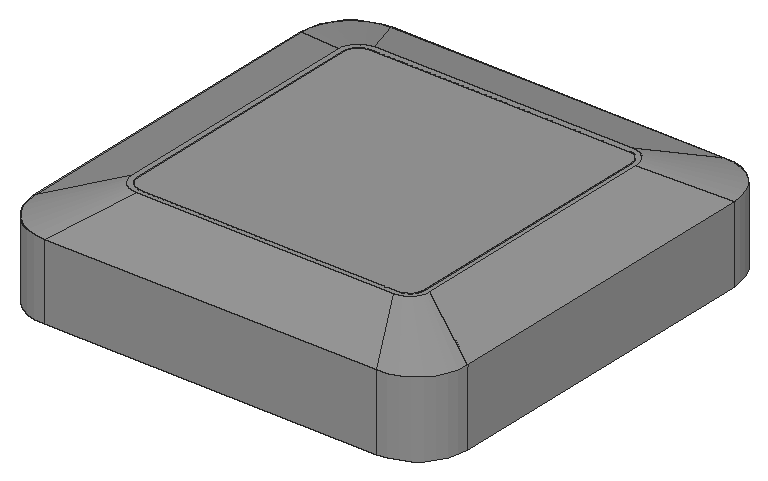
Revit family "HAFELE_Electronic Locking Systems_Switches_912.20.460", category Electrical Fixtures, host Face, Revit 2019
Family settings
  Host = Face
  Maintain Annotation Orientation = No
  Round Connector Dimension = Use Diameter
  Part Type = Normal
  Cut with Voids When Loaded = No
  Shared = No
  Room Calculation Point = No
Parameters (values of type "TouchlessSwitch_912.20.460")
  Width = 86 mm
  URL = "https://www.hafelethailand.com/"
  Secondary Material = -
  Product code = "912.20.460"
  Power Supply = "12-24"
  Output = "1 dry contact, COM/NO/NC, max.1A36V"
  Measurement Units = "mm"
  Material Name = White/Black
  Manufacturer Country = "Thailand"
  Manufacturer = "Häfele (Thailand) Ltd."
  Main Material = Plastic
  Height = 20 mm
  Depth = 86 mm
  Default Elevation = 1219.2 mm
  Catalog = "TouchlessSwitch 912.20.460"
Reference planes
  plane 1 "Center (Front/Back)": y = 0
  plane 2: z = 0
  plane 3 "Center (Left/Right)": x = 0
  plane 4: x = -43
  plane 5: x = 43
  plane 6: y = 43
  plane 7: y = -43
  plane 8: z = 15
  plane 9: z = 20
Forms (mm)
  Blend 1, solid, material "Plastic"
    base sketch origin (0, 0, 0) x (1, 0, 0) y (0, 1, 0)
      loop
        line (33, 43) -> (-33, 43)
        arc (-33, 43) -> (-40.071, 40.071) -> (-43, 33) r 10
        line (-43, 33) -> (-43, -33)
        arc (-43, -33) -> (-40.071, -40.071) -> (-33, -43) r 10
        line (-33, -43) -> (33, -43)
        arc (33, -43) -> (40.071, -40.071) -> (43, -33) r 10
        line (43, -33) -> (43, 33)
        arc (43, 33) -> (40.071, 40.071) -> (33, 43) r 10
    top sketch origin (0, 0, 0) x (1, 0, 0) y (0, 1, 0)
      loop
        line (25.5, 29.5) -> (-25.5, 29.5)
        arc (-25.5, 29.5) -> (-28.328, 28.328) -> (-29.5, 25.5) r 4
        line (-29.5, 25.5) -> (-29.5, -25.5)
        arc (-29.5, -25.5) -> (-28.328, -28.328) -> (-25.5, -29.5) r 4
        line (-25.5, -29.5) -> (25.5, -29.5)
        arc (25.5, -29.5) -> (28.328, -28.328) -> (29.5, -25.5) r 4
        line (29.5, -25.5) -> (29.5, 25.5)
        arc (29.5, 25.5) -> (28.328, 28.328) -> (25.5, 29.5) r 4
    from 15 to 20
  Extrusion 2, solid, material "Plastic"
    sketch origin (0, 0, 0) x (1, 0, 0) y (0, 1, 0)
      loop
        line (-43, 33) -> (-43, -33)
        arc (-43, -33) -> (-40.071, -40.071) -> (-33, -43) r 10
        line (-33, -43) -> (33, -43)
        arc (33, -43) -> (40.071, -40.071) -> (43, -33) r 10
        line (43, -33) -> (43, 33)
        arc (43, 33) -> (40.071, 40.071) -> (33, 43) r 10
        line (33, 43) -> (-33, 43)
        arc (-33, 43) -> (-40.071, 40.071) -> (-43, 33) r 10
    from 0 to 15
  Extrusion 3, void
    sketch origin (0, 0, 0) x (1, 0, 0) y (0, 1, 0)
      loop
        line (-28.5, 25.5) -> (-28.5, -25.5)
        arc (-28.5, -25.5) -> (-27.621, -27.621) -> (-25.5, -28.5) r 3
        line (-25.5, -28.5) -> (25.5, -28.5)
        arc (25.5, -28.5) -> (27.621, -27.621) -> (28.5, -25.5) r 3
        line (28.5, -25.5) -> (28.5, 25.5)
        arc (28.5, 25.5) -> (27.621, 27.621) -> (25.5, 28.5) r 3
        line (25.5, 28.5) -> (-25.5, 28.5)
        arc (-25.5, 28.5) -> (-27.621, 27.621) -> (-28.5, 25.5) r 3
    from 18.542 to 20
  Extrusion 4, solid, material "Plastic, Opaque Black"
    sketch origin (0, 0, 0) x (1, 0, 0) y (0, 1, 0)
      loop
        line (-28.5, 25.5) -> (-28.5, -25.5)
        arc (-28.5, -25.5) -> (-27.621, -27.621) -> (-25.5, -28.5) r 3
        line (-25.5, -28.5) -> (25.5, -28.5)
        arc (25.5, -28.5) -> (27.621, -27.621) -> (28.5, -25.5) r 3
        line (28.5, -25.5) -> (28.5, 25.5)
        arc (28.5, 25.5) -> (27.621, 27.621) -> (25.5, 28.5) r 3
        line (25.5, 28.5) -> (-25.5, 28.5)
        arc (-25.5, 28.5) -> (-27.621, 27.621) -> (-28.5, 25.5) r 3
    from 18.542 to 20
Cuts and joins
  Extrusion 3 cuts Extrusion 2
  Extrusion 3 cuts Blend 1
Dimensions and locks
  plane 4 to plane 3 "Center (Left/Right)" to plane 5 = 43 mm, 43 mm
  plane 4 to plane 5 = 86 mm
  equal spacing: plane 7, plane 1 "Center (Front/Back)", plane 6
  plane 7 to plane 6 = 86 mm
  aligned and locked: plane 2 to host face
  aligned and locked: level to host face
  aligned and locked: Blend 1 sketch curve to plane 6
  aligned and locked: Blend 1 sketch curve to plane 7
  aligned and locked: Blend 1 sketch curve to plane 5
  aligned and locked: Blend 1 sketch curve to plane 4
  aligned and locked: Blend 1 to plane 8
  aligned and locked: plane 9 to Blend 1
  aligned and locked: Extrusion 2 sketch curve to Blend 1  (x4)
  aligned and locked: Extrusion 2 to Blend 1
  aligned and locked: Extrusion 2 to level
  aligned and locked: Extrusion 4 sketch curve to cut or joined group of Blend 1, Extrusion 3  (x4)
  aligned and locked: host face to cut or joined group of Blend 1, Extrusion 3  (x4)
Automatic sketch dimensions
  host sketch curve to host sketch curve = 59 mm  (x2)
  plane 4 to Blend 1 sketch curve = 10 mm  (x2)
  Blend 1 sketch curve to plane 5 = 10 mm
  Blend 1 sketch curve to Blend 1 sketch curve = 10 mm
  plane 4 to Blend 1 sketch curve = 13.5 mm
  Blend 1 sketch curve to Blend 1 sketch curve = 4 mm  (x3)
  Blend 1 sketch curve to plane 5 = 17.5 mm  (x2)
  Blend 1 sketch curve to plane 7 = 13.5 mm
  plane 6 to Blend 1 sketch curve = 17.5 mm
  plane 4 to Extrusion 2 sketch curve = 10 mm
  Extrusion 3 sketch curve to Extrusion 3 sketch curve = 3 mm  (x3)
  plane 6 to Extrusion 3 sketch curve = 17.5 mm
  Extrusion 3 sketch curve to plane 5 = 17.5 mm
  plane 4 to Extrusion 3 sketch curve = 17.5 mm  (x2)
  Extrusion 3 sketch curve to plane 7 = 17.5 mm
